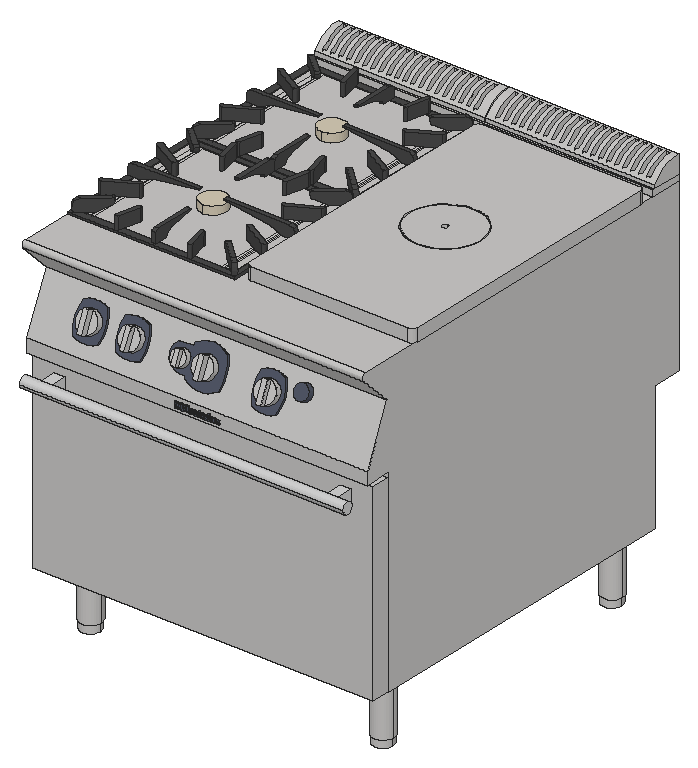
Revit family "QF_ELECTROLUXPROFESSIONAL_391020_E9STGH30G0", category Specialty Equipment, Revit 2018 (continued)
Automatic sketch dimensions
  Extrusion 7 sketch curve to Extrusion 7 sketch curve = 2.066 mm
  Extrusion 7 sketch curve to Extrusion 7 sketch curve = 5.312 mm
  Extrusion 7 sketch curve to Extrusion 7 sketch curve = 28.009 mm
  plane 5 "FRONT" to Extrusion 8 sketch curve = 22.852 mm
  Extrusion 8 sketch curve to Extrusion 8 sketch curve = 0 mm  (x2)
  Extrusion 8 sketch curve to Extrusion 8 sketch curve = 1.139 mm
  Extrusion 8 sketch curve to Extrusion 8 sketch curve = 3.102 mm
  Extrusion 8 sketch curve to Extrusion 8 sketch curve = 4.033 mm
  Extrusion 8 sketch curve to Extrusion 8 sketch curve = 4.436 mm
  Extrusion 8 sketch curve to Extrusion 8 sketch curve = 5.898 mm
  plane 5 "FRONT" to Extrusion 8 sketch curve = 8.549 mm
  Extrusion 8 sketch curve to plane 5 "FRONT" = 30.129 mm
  Extrusion 8 sketch curve to plane 10 = 270.899 mm
  Extrusion 8 sketch curve to Extrusion 8 sketch curve = 2.705 mm
  Extrusion 8 sketch curve to Extrusion 8 sketch curve = 5.987 mm
  Extrusion 8 sketch curve to Extrusion 8 sketch curve = 5.312 mm
  Extrusion 8 sketch curve to Extrusion 8 sketch curve = 28.009 mm
  plane 5 "FRONT" to Extrusion 9 sketch curve = 19.749 mm
  Extrusion 9 sketch curve to plane 10 = 279.591 mm
  Extrusion 10 sketch curve to plane 10 = 0 mm
  Extrusion 10 sketch curve to plane 1 "BACK" = 0 mm
  plane 10 to Extrusion 10 sketch curve = 14.288 mm
  Extrusion 10 sketch curve to plane 11 = 49.8 mm
  Extrusion 11 sketch curve to plane 4 "RIGHT" = 14.847 mm
  Extrusion 11 sketch curve to Extrusion 11 sketch curve = 9.296 mm  (x20)
  Extrusion 11 sketch curve to Extrusion 11 sketch curve = 9.397 mm  (x19)
  plane 1 "BACK" to Extrusion 11 sketch curve = 6.761 mm  (x20)
  Extrusion 11 sketch curve to Extrusion 11 sketch curve = 57.15 mm
  Extrusion 11 sketch curve to Extrusion 11 sketch curve = 0 mm  (x19)
  Extrusion 12 sketch curve to plane 1 "BACK" = 0 mm
  Extrusion 12 sketch curve to plane 6 "TOP" = 0 mm
  plane 1 "BACK" to Extrusion 12 sketch curve = 1.769 mm
  plane 10 to Extrusion 12 sketch curve = 23.813 mm
  plane 1 "BACK" to Extrusion 12 sketch curve = 69.85 mm
  plane 10 to Extrusion 12 sketch curve = 14.288 mm
  plane 3 "LEFT" to Extrusion 13 sketch curve = 155.972 mm
  Extrusion 13 sketch curve to Extrusion 13 sketch curve = 0 mm  (x6)
  plane 7 "Center Y" to Extrusion 13 sketch curve = 117.596 mm
  Extrusion 13 sketch curve to Extrusion 13 sketch curve = 12.3 mm  (x9)
  Extrusion 13 sketch curve to Extrusion 13 sketch curve = 34.925 mm  (x5)
  Extrusion 13 sketch curve to Extrusion 13 sketch curve = 46.691 mm  (x3)
  Extrusion 13 sketch curve to Extrusion 13 sketch curve = 0.617 mm
  Extrusion 13 sketch curve to Extrusion 13 sketch curve = 28.57 mm
  Extrusion 13 sketch curve to Extrusion 13 sketch curve = 29.185 mm  (x3)
  Extrusion 13 sketch curve to plane 7 "Center Y" = 118.914 mm
  Extrusion 13 sketch curve to Extrusion 13 sketch curve = 25.114 mm
  Extrusion 13 sketch curve to Extrusion 13 sketch curve = 25.727 mm
  Extrusion 13 sketch curve to Extrusion 13 sketch curve = 9.217 mm
  Extrusion 13 sketch curve to Extrusion 13 sketch curve = 16.51 mm
  Extrusion 14 sketch curve to Extrusion 14 sketch curve = 0 mm  (x3)
  Extrusion 14 sketch curve to Extrusion 14 sketch curve = 147.457 mm
  Extrusion 14 sketch curve to Extrusion 14 sketch curve = 172.543 mm
  Extrusion 14 sketch curve to Extrusion 14 sketch curve = 100 mm
  Extrusion 15 sketch curve to Extrusion 15 sketch curve = 24.732 mm
  Extrusion 15 sketch curve to Extrusion 15 sketch curve = 0 mm
  Extrusion 16 sketch curve to plane 4 "RIGHT" = 177.817 mm
  Extrusion 17 sketch curve to Extrusion 17 sketch curve = 0 mm  (x2)
  Extrusion 17 sketch curve to plane 7 "Center Y" = 31.641 mm
  Extrusion 17 sketch curve to plane 7 "Center Y" = 38.597 mm
  Extrusion 17 sketch curve to Extrusion 17 sketch curve = 112.63 mm
  plane 7 "Center Y" to Extrusion 17 sketch curve = 39.16 mm
  Extrusion 17 sketch curve to Extrusion 17 sketch curve = 1.398 mm
  Extrusion 17 sketch curve to Extrusion 17 sketch curve = 5.918 mm
  Extrusion 17 sketch curve to Extrusion 17 sketch curve = 7.825 mm
  Extrusion 17 sketch curve to plane 7 "Center Y" = 0.67 mm
  Extrusion 17 sketch curve to Extrusion 17 sketch curve = 12.433 mm
  Extrusion 17 sketch curve to Extrusion 17 sketch curve = 33.329 mm
  Extrusion 17 sketch curve to Extrusion 17 sketch curve = 28.808 mm
  Extrusion 17 sketch curve to Extrusion 17 sketch curve = 2.986 mm
  Extrusion 17 sketch curve to plane 7 "Center Y" = 0.673 mm
  Extrusion 17 sketch curve to Extrusion 17 sketch curve = 23.969 mm
  Extrusion 17 sketch curve to Extrusion 17 sketch curve = 31.993 mm
  Extrusion 17 sketch curve to Extrusion 17 sketch curve = 0.131 mm
  Extrusion 17 sketch curve to Extrusion 17 sketch curve = 36.738 mm
  Extrusion 17 sketch curve to Extrusion 17 sketch curve = 6.105 mm
  Extrusion 17 sketch curve to Extrusion 17 sketch curve = 6.427 mm
  Extrusion 17 sketch curve to Extrusion 17 sketch curve = 7.848 mm
  Extrusion 17 sketch curve to Extrusion 17 sketch curve = 11.842 mm
  Extrusion 18 sketch curve to Extrusion 18 sketch curve = 0 mm  (x2)
  Extrusion 18 sketch curve to plane 7 "Center Y" = 0 mm
  plane 7 "Center Y" to Extrusion 18 sketch curve = 5.786 mm
  Extrusion 18 sketch curve to plane 7 "Center Y" = 5.786 mm
  Extrusion 18 sketch curve to Extrusion 18 sketch curve = 24.732 mm  (x2)
  Extrusion 20 sketch curve to plane 7 "Center Y" = 52.067 mm
  Extrusion 20 sketch curve to Extrusion 20 sketch curve = 0 mm
  Extrusion 20 sketch curve to Extrusion 20 sketch curve = 7.232 mm  (x3)
  Extrusion 20 sketch curve to Extrusion 20 sketch curve = 17.5 mm
  Extrusion 20 sketch curve to Extrusion 20 sketch curve = 5.786 mm
  Extrusion 22 sketch curve to plane 9 "Base" = 0 mm
  Extrusion 22 sketch curve to plane 13 = 0.129 mm
  Extrusion 22 sketch curve to plane 5 "FRONT" = 30.129 mm
  Extrusion 22 sketch curve to Extrusion 22 sketch curve = 44.603 mm
  plane 5 "FRONT" to Extrusion 23 sketch curve = 0 mm  (x2)
  Extrusion 23 sketch curve to plane 3 "LEFT" = 0 mm
  plane 1 "BACK" to Extrusion 23 sketch curve = 0 mm
  Extrusion 23 sketch curve to plane 4 "RIGHT" = 0 mm
  Extrusion 23 sketch curve to plane 3 "LEFT" = 100 mm
  plane 4 "RIGHT" to Extrusion 23 sketch curve = 100 mm
  Extrusion 23 sketch curve to plane 1 "BACK" = 100 mm
  Extrusion 24 sketch curve to Extrusion 24 sketch curve = 0 mm  (x3)
  Extrusion 24 sketch curve to plane 7 "Center Y" = 166.757 mm
  Extrusion 24 sketch curve to Extrusion 24 sketch curve = 24.732 mm  (x2)
  Extrusion 24 sketch curve to Extrusion 24 sketch curve = 5.786 mm
  Extrusion 25 sketch curve to Extrusion 25 sketch curve = 0 mm  (x3)
  plane 3 "LEFT" to Extrusion 25 sketch curve = 133.243 mm
  Extrusion 25 sketch curve to Extrusion 25 sketch curve = 24.732 mm  (x2)
  Extrusion 25 sketch curve to Extrusion 25 sketch curve = 5.786 mm
  Extrusion 26 sketch curve to Extrusion 26 sketch curve = 0 mm  (x2)
  Extrusion 26 sketch curve to plane 4 "RIGHT" = 0 mm
  Extrusion 26 sketch curve to plane 11 = 26 mm
  Extrusion 26 sketch curve to plane 11 = 13.3 mm
  Extrusion 26 sketch curve to Extrusion 26 sketch curve = 12.7 mm  (x2)
  plane 8 "Center X" to Extrusion 26 sketch curve = 95.567 mm
  Extrusion 26 sketch curve to Extrusion 26 sketch curve = 8.451 mm
  plane 8 "Center X" to Extrusion 26 sketch curve = 27.413 mm
  Extrusion 26 sketch curve to Extrusion 26 sketch curve = 2.478 mm
  Extrusion 26 sketch curve to Extrusion 26 sketch curve = 0.351 mm
  Extrusion 26 sketch curve to Extrusion 26 sketch curve = 0.184 mm
  plane 15 to Extrusion 26 sketch curve = 50.329 mm
  Extrusion 26 sketch curve to plane 4 "RIGHT" = 12.7 mm
  Extrusion 26 sketch curve to plane 12 = 31.5 mm
  plane 7 "Center Y" to Extrusion 26 sketch curve = 6.3 mm
  plane 7 "Center Y" to Extrusion 26 sketch curve = 199.962 mm
  Extrusion 26 sketch curve to Extrusion 26 sketch curve = 2.149 mm
  Extrusion 26 sketch curve to Extrusion 26 sketch curve = 3.188 mm
  Extrusion 26 sketch curve to Extrusion 26 sketch curve = 0.097 mm
  plane 7 "Center Y" to Extrusion 27 sketch curve = 21.292 mm
  Extrusion 27 sketch curve to plane 10 = 237.967 mm
  Extrusion 27 sketch curve to plane 7 "Center Y" = 13.807 mm
  Extrusion 27 sketch curve to Extrusion 27 sketch curve = 5.041 mm
  plane 7 "Center Y" to Extrusion 27 sketch curve = 5.969 mm
  Extrusion 27 sketch curve to Extrusion 27 sketch curve = 5.06 mm
  Extrusion 27 sketch curve to Extrusion 27 sketch curve = 0 mm  (x27)
  Extrusion 27 sketch curve to Extrusion 27 sketch curve = 5.108 mm  (x2)
  Extrusion 27 sketch curve to Extrusion 27 sketch curve = 0.054 mm
  Extrusion 27 sketch curve to Extrusion 27 sketch curve = 0.218 mm
  Extrusion 27 sketch curve to Extrusion 27 sketch curve = 0.195 mm
  Extrusion 27 sketch curve to Extrusion 27 sketch curve = 0.249 mm
  Extrusion 27 sketch curve to Extrusion 27 sketch curve = 0.316 mm
  Extrusion 27 sketch curve to Extrusion 27 sketch curve = 0.087 mm
  Extrusion 27 sketch curve to Extrusion 27 sketch curve = 0.358 mm
  Extrusion 27 sketch curve to Extrusion 27 sketch curve = 0.481 mm
  Extrusion 27 sketch curve to Extrusion 27 sketch curve = 0.597 mm
  Extrusion 27 sketch curve to Extrusion 27 sketch curve = 0.544 mm
  Extrusion 27 sketch curve to Extrusion 27 sketch curve = 0.936 mm
  Extrusion 27 sketch curve to Extrusion 27 sketch curve = 0.594 mm
  Extrusion 27 sketch curve to Extrusion 27 sketch curve = 0.343 mm
  Extrusion 27 sketch curve to Extrusion 27 sketch curve = 0.159 mm
  Extrusion 27 sketch curve to Extrusion 27 sketch curve = 0.826 mm
  Extrusion 27 sketch curve to Extrusion 27 sketch curve = 0.839 mm
  Extrusion 27 sketch curve to Extrusion 27 sketch curve = 0.852 mm
  Extrusion 27 sketch curve to Extrusion 27 sketch curve = 0.887 mm
  Extrusion 27 sketch curve to Extrusion 27 sketch curve = 0.928 mm
  Extrusion 27 sketch curve to Extrusion 27 sketch curve = 0.938 mm
  Extrusion 27 sketch curve to Extrusion 27 sketch curve = 0.444 mm
  Extrusion 27 sketch curve to Extrusion 27 sketch curve = 1.11 mm  (x3)
  plane 7 "Center Y" to Extrusion 27 sketch curve = 43.726 mm
  Extrusion 27 sketch curve to Extrusion 27 sketch curve = 0.215 mm
  plane 7 "Center Y" to Extrusion 27 sketch curve = 0.332 mm
  Extrusion 27 sketch curve to Extrusion 27 sketch curve = 1.43 mm
  Extrusion 27 sketch curve to Extrusion 27 sketch curve = 1.188 mm
  Extrusion 27 sketch curve to Extrusion 27 sketch curve = 1.21 mm  (x2)
  Extrusion 27 sketch curve to Extrusion 27 sketch curve = 0.503 mm
  plane 7 "Center Y" to Extrusion 27 sketch curve = 48.995 mm
  Extrusion 27 sketch curve to Extrusion 27 sketch curve = 0.488 mm
  plane 7 "Center Y" to Extrusion 27 sketch curve = 52.922 mm
  Extrusion 27 sketch curve to Extrusion 27 sketch curve = 0.462 mm
  Extrusion 27 sketch curve to Extrusion 27 sketch curve = 1.386 mm
  Extrusion 27 sketch curve to Extrusion 27 sketch curve = 1.742 mm
  Extrusion 27 sketch curve to Extrusion 27 sketch curve = 0.821 mm
  Extrusion 27 sketch curve to Extrusion 27 sketch curve = 0.497 mm
  Extrusion 27 sketch curve to Extrusion 27 sketch curve = 0.539 mm
  Extrusion 27 sketch curve to Extrusion 27 sketch curve = 0.199 mm
  Extrusion 27 sketch curve to plane 7 "Center Y" = 0.042 mm
  Extrusion 27 sketch curve to Extrusion 27 sketch curve = 0.408 mm
  Extrusion 27 sketch curve to Extrusion 27 sketch curve = 0.743 mm
  Extrusion 27 sketch curve to Extrusion 27 sketch curve = 1.16 mm
  Extrusion 27 sketch curve to Extrusion 27 sketch curve = 0.329 mm
  Extrusion 27 sketch curve to Extrusion 27 sketch curve = 1.054 mm
  Extrusion 27 sketch curve to Extrusion 27 sketch curve = 1.056 mm
  Extrusion 27 sketch curve to Extrusion 27 sketch curve = 0.129 mm
  Extrusion 27 sketch curve to Extrusion 27 sketch curve = 0.489 mm
  Extrusion 27 sketch curve to plane 7 "Center Y" = 0.376 mm
  Extrusion 27 sketch curve to Extrusion 27 sketch curve = 0.441 mm
  Extrusion 27 sketch curve to Extrusion 27 sketch curve = 1.151 mm
  Extrusion 27 sketch curve to Extrusion 27 sketch curve = 1.141 mm  (x2)
  Extrusion 27 sketch curve to Extrusion 27 sketch curve = 0.768 mm
  Extrusion 27 sketch curve to Extrusion 27 sketch curve = 1.653 mm
  Extrusion 27 sketch curve to Extrusion 27 sketch curve = 0.499 mm
  Extrusion 27 sketch curve to Extrusion 27 sketch curve = 0.964 mm
  Extrusion 27 sketch curve to Extrusion 27 sketch curve = 0.949 mm
  Extrusion 27 sketch curve to Extrusion 27 sketch curve = 1.345 mm  (x3)
  Extrusion 27 sketch curve to Extrusion 27 sketch curve = 1.101 mm
  Extrusion 27 sketch curve to Extrusion 27 sketch curve = 0.432 mm
  Extrusion 27 sketch curve to Extrusion 27 sketch curve = 1.142 mm
  Extrusion 27 sketch curve to Extrusion 27 sketch curve = 0.959 mm
  Extrusion 27 sketch curve to Extrusion 27 sketch curve = 0.176 mm
  Extrusion 27 sketch curve to Extrusion 27 sketch curve = 0.728 mm
  Extrusion 27 sketch curve to Extrusion 27 sketch curve = 3.375 mm  (x2)
  Extrusion 27 sketch curve to Extrusion 27 sketch curve = 0.541 mm
  Extrusion 27 sketch curve to Extrusion 27 sketch curve = 0.955 mm
  Extrusion 27 sketch curve to Extrusion 27 sketch curve = 1.251 mm
  Extrusion 27 sketch curve to Extrusion 27 sketch curve = 0.572 mm
  plane 7 "Center Y" to Extrusion 27 sketch curve = 47.619 mm
  Extrusion 27 sketch curve to Extrusion 27 sketch curve = 1.92 mm
  Extrusion 27 sketch curve to Extrusion 27 sketch curve = 1.224 mm
  Extrusion 27 sketch curve to Extrusion 27 sketch curve = 0.745 mm
  Extrusion 27 sketch curve to Extrusion 27 sketch curve = 0.036 mm
  Extrusion 27 sketch curve to Extrusion 27 sketch curve = 0.896 mm  (x3)
  Extrusion 27 sketch curve to Extrusion 27 sketch curve = 2.607 mm
  Extrusion 27 sketch curve to Extrusion 27 sketch curve = 0.066 mm
  Extrusion 27 sketch curve to Extrusion 27 sketch curve = 0.248 mm
  Extrusion 27 sketch curve to Extrusion 27 sketch curve = 0.449 mm
  plane 7 "Center Y" to Extrusion 27 sketch curve = 46.838 mm
  Extrusion 27 sketch curve to Extrusion 27 sketch curve = 1.052 mm
  Extrusion 27 sketch curve to Extrusion 27 sketch curve = 1.863 mm
  Extrusion 27 sketch curve to Extrusion 27 sketch curve = 1.31 mm  (x2)
  Extrusion 27 sketch curve to Extrusion 27 sketch curve = 0.901 mm
  Extrusion 27 sketch curve to Extrusion 27 sketch curve = 1.107 mm
  Extrusion 27 sketch curve to Extrusion 27 sketch curve = 2.122 mm
  Extrusion 27 sketch curve to Extrusion 27 sketch curve = 2.101 mm
  Extrusion 27 sketch curve to Extrusion 27 sketch curve = 0.106 mm
  Extrusion 27 sketch curve to Extrusion 27 sketch curve = 0.029 mm
  plane 7 "Center Y" to Extrusion 27 sketch curve = 49.641 mm
  Extrusion 27 sketch curve to Extrusion 27 sketch curve = 2.09 mm
  Extrusion 27 sketch curve to Extrusion 27 sketch curve = 1.279 mm
  Extrusion 27 sketch curve to Extrusion 27 sketch curve = 2.008 mm
  Extrusion 27 sketch curve to Extrusion 27 sketch curve = 0.738 mm
  Extrusion 27 sketch curve to Extrusion 27 sketch curve = 0.382 mm
  Extrusion 27 sketch curve to Extrusion 27 sketch curve = 0.384 mm
  Extrusion 27 sketch curve to Extrusion 27 sketch curve = 0.002 mm
  Extrusion 27 sketch curve to Extrusion 27 sketch curve = 0.561 mm
  Extrusion 27 sketch curve to Extrusion 27 sketch curve = 0.592 mm
  Extrusion 27 sketch curve to Extrusion 27 sketch curve = 2.692 mm
  Extrusion 27 sketch curve to Extrusion 27 sketch curve = 1.259 mm
  plane 7 "Center Y" to Extrusion 27 sketch curve = 48.858 mm
  Extrusion 27 sketch curve to Extrusion 27 sketch curve = 0.802 mm
  Extrusion 27 sketch curve to Extrusion 27 sketch curve = 1.024 mm
  Extrusion 27 sketch curve to Extrusion 27 sketch curve = 0.682 mm
  Extrusion 27 sketch curve to Extrusion 27 sketch curve = 5.934 mm
  Extrusion 27 sketch curve to Extrusion 27 sketch curve = 2.186 mm
  Extrusion 27 sketch curve to Extrusion 27 sketch curve = 0.337 mm
  Extrusion 27 sketch curve to Extrusion 27 sketch curve = 0.021 mm
  Extrusion 27 sketch curve to Extrusion 27 sketch curve = 1.005 mm
  Extrusion 27 sketch curve to Extrusion 27 sketch curve = 0.552 mm
  Extrusion 27 sketch curve to Extrusion 27 sketch curve = 0.778 mm
  Extrusion 27 sketch curve to Extrusion 27 sketch curve = 0.063 mm
  Extrusion 27 sketch curve to Extrusion 27 sketch curve = 1.023 mm
  Extrusion 27 sketch curve to Extrusion 27 sketch curve = 3.804 mm
  Extrusion 27 sketch curve to Extrusion 27 sketch curve = 0.486 mm
  Extrusion 27 sketch curve to Extrusion 27 sketch curve = 0.266 mm
  Extrusion 27 sketch curve to plane 7 "Center Y" = 0.787 mm
  Extrusion 27 sketch curve to Extrusion 27 sketch curve = 1.547 mm
  Extrusion 27 sketch curve to Extrusion 27 sketch curve = 0.717 mm  (x2)
  Extrusion 27 sketch curve to Extrusion 27 sketch curve = 1.667 mm
  plane 7 "Center Y" to Extrusion 27 sketch curve = 44.532 mm
  Extrusion 27 sketch curve to Extrusion 27 sketch curve = 3.174 mm
  plane 7 "Center Y" to Extrusion 27 sketch curve = 0.368 mm
  Extrusion 27 sketch curve to Extrusion 27 sketch curve = 0.388 mm
  Extrusion 27 sketch curve to Extrusion 27 sketch curve = 1.342 mm
  plane 7 "Center Y" to Extrusion 27 sketch curve = 50.135 mm
  Extrusion 27 sketch curve to Extrusion 27 sketch curve = 1.521 mm
  plane 7 "Center Y" to Extrusion 27 sketch curve = 51.694 mm
  Extrusion 27 sketch curve to Extrusion 27 sketch curve = 0.124 mm
  Extrusion 27 sketch curve to Extrusion 27 sketch curve = 0.291 mm
  plane 7 "Center Y" to Extrusion 27 sketch curve = 7.285 mm
  Extrusion 27 sketch curve to Extrusion 27 sketch curve = 1.049 mm  (x2)
  plane 7 "Center Y" to Extrusion 27 sketch curve = 47.668 mm
  Extrusion 27 sketch curve to Extrusion 27 sketch curve = 1.7 mm
  Extrusion 27 sketch curve to Extrusion 27 sketch curve = 0.894 mm
  Extrusion 27 sketch curve to Extrusion 27 sketch curve = 0.989 mm
  Extrusion 27 sketch curve to Extrusion 27 sketch curve = 1.168 mm
  Extrusion 27 sketch curve to Extrusion 27 sketch curve = 1.594 mm
  Extrusion 27 sketch curve to Extrusion 27 sketch curve = 0.731 mm
  Extrusion 27 sketch curve to Extrusion 27 sketch curve = 1.566 mm
  Extrusion 27 sketch curve to Extrusion 27 sketch curve = 0.064 mm
  plane 7 "Center Y" to Extrusion 27 sketch curve = 7.842 mm
  Extrusion 27 sketch curve to Extrusion 27 sketch curve = 0.556 mm
  Extrusion 27 sketch curve to Extrusion 27 sketch curve = 0.48 mm
  Extrusion 27 sketch curve to Extrusion 27 sketch curve = 0.228 mm
  Extrusion 27 sketch curve to Extrusion 27 sketch curve = 1.018 mm
  plane 7 "Center Y" to Extrusion 27 sketch curve = 37.429 mm
  Extrusion 27 sketch curve to Extrusion 27 sketch curve = 0.787 mm
  Extrusion 27 sketch curve to Extrusion 27 sketch curve = 0.618 mm
  plane 7 "Center Y" to Extrusion 27 sketch curve = 42.486 mm
  Extrusion 27 sketch curve to Extrusion 27 sketch curve = 1.672 mm
  plane 7 "Center Y" to Extrusion 27 sketch curve = 53.436 mm
  Extrusion 27 sketch curve to Extrusion 27 sketch curve = 1.361 mm
  Extrusion 27 sketch curve to Extrusion 27 sketch curve = 0.822 mm
  Extrusion 27 sketch curve to Extrusion 27 sketch curve = 0.069 mm
  Extrusion 27 sketch curve to Extrusion 27 sketch curve = 1.88 mm
  plane 7 "Center Y" to Extrusion 27 sketch curve = 35.269 mm
  Extrusion 27 sketch curve to Extrusion 27 sketch curve = 0.42 mm
  Extrusion 27 sketch curve to Extrusion 27 sketch curve = 0.062 mm
  Extrusion 27 sketch curve to Extrusion 27 sketch curve = 1.355 mm
  Extrusion 27 sketch curve to Extrusion 27 sketch curve = 2.34 mm
  Extrusion 27 sketch curve to Extrusion 27 sketch curve = 0.493 mm
  Extrusion 27 sketch curve to Extrusion 27 sketch curve = 0.136 mm
  Extrusion 27 sketch curve to Extrusion 27 sketch curve = 0.128 mm
  Extrusion 27 sketch curve to Extrusion 27 sketch curve = 3.616 mm
  Extrusion 27 sketch curve to Extrusion 27 sketch curve = 4.207 mm
  Extrusion 27 sketch curve to Extrusion 27 sketch curve = 0.183 mm
  Extrusion 27 sketch curve to Extrusion 27 sketch curve = 0.895 mm
  Extrusion 27 sketch curve to Extrusion 27 sketch curve = 1.314 mm
  Extrusion 27 sketch curve to Extrusion 27 sketch curve = 3.231 mm
  Extrusion 27 sketch curve to plane 7 "Center Y" = 23.526 mm
  Extrusion 27 sketch curve to Extrusion 27 sketch curve = 1.299 mm
  Extrusion 27 sketch curve to Extrusion 27 sketch curve = 1.214 mm
  plane 7 "Center Y" to Extrusion 27 sketch curve = 26.369 mm
  Extrusion 27 sketch curve to Extrusion 27 sketch curve = 1.264 mm
  Extrusion 27 sketch curve to Extrusion 27 sketch curve = 0.109 mm
  Extrusion 27 sketch curve to Extrusion 27 sketch curve = 0.357 mm
  Extrusion 27 sketch curve to Extrusion 27 sketch curve = 0.565 mm
  Extrusion 27 sketch curve to Extrusion 27 sketch curve = 2.504 mm
  Extrusion 27 sketch curve to Extrusion 27 sketch curve = 2.459 mm
  Extrusion 27 sketch curve to Extrusion 27 sketch curve = 0.983 mm
  Extrusion 27 sketch curve to Extrusion 27 sketch curve = 0.422 mm  (x2)
  Extrusion 27 sketch curve to Extrusion 27 sketch curve = 1.268 mm
  Extrusion 27 sketch curve to Extrusion 27 sketch curve = 0.671 mm
  Extrusion 27 sketch curve to Extrusion 27 sketch curve = 1.634 mm
  Extrusion 27 sketch curve to Extrusion 27 sketch curve = 0.132 mm
  Extrusion 27 sketch curve to Extrusion 27 sketch curve = 0.586 mm
  Extrusion 27 sketch curve to Extrusion 27 sketch curve = 1.241 mm
  Extrusion 27 sketch curve to Extrusion 27 sketch curve = 1.689 mm
  Extrusion 27 sketch curve to Extrusion 27 sketch curve = 0.627 mm
  Extrusion 27 sketch curve to Extrusion 27 sketch curve = 0.419 mm
  Extrusion 27 sketch curve to Extrusion 27 sketch curve = 1.514 mm
  Extrusion 27 sketch curve to Extrusion 27 sketch curve = 1.019 mm
  Extrusion 27 sketch curve to Extrusion 27 sketch curve = 0.065 mm
  Extrusion 27 sketch curve to Extrusion 27 sketch curve = 1.215 mm
  Extrusion 27 sketch curve to Extrusion 27 sketch curve = 1.122 mm
  Extrusion 27 sketch curve to Extrusion 27 sketch curve = 1.153 mm
  Extrusion 27 sketch curve to Extrusion 27 sketch curve = 1.223 mm
  Extrusion 27 sketch curve to Extrusion 27 sketch curve = 0.934 mm
  Extrusion 27 sketch curve to Extrusion 27 sketch curve = 3.376 mm
  Extrusion 27 sketch curve to Extrusion 27 sketch curve = 0.222 mm
  Extrusion 27 sketch curve to Extrusion 27 sketch curve = 1.383 mm
  Extrusion 27 sketch curve to Extrusion 27 sketch curve = 1.556 mm
  Extrusion 27 sketch curve to Extrusion 27 sketch curve = 2.559 mm
  Extrusion 27 sketch curve to Extrusion 27 sketch curve = 2.51 mm
  Extrusion 27 sketch curve to Extrusion 27 sketch curve = 0.131 mm
  Extrusion 27 sketch curve to Extrusion 27 sketch curve = 1.134 mm
  Extrusion 27 sketch curve to Extrusion 27 sketch curve = 0.094 mm
  Extrusion 27 sketch curve to Extrusion 27 sketch curve = 1.584 mm
  Extrusion 27 sketch curve to Extrusion 27 sketch curve = 0.27 mm
  Extrusion 27 sketch curve to Extrusion 27 sketch curve = 0.916 mm
  Extrusion 27 sketch curve to Extrusion 27 sketch curve = 0.352 mm
  Extrusion 27 sketch curve to Extrusion 27 sketch curve = 0.458 mm
  Extrusion 27 sketch curve to Extrusion 27 sketch curve = 1.282 mm
  Extrusion 27 sketch curve to Extrusion 27 sketch curve = 1.363 mm
  Extrusion 27 sketch curve to Extrusion 27 sketch curve = 0.685 mm
  Extrusion 27 sketch curve to Extrusion 27 sketch curve = 0.905 mm
  Extrusion 27 sketch curve to Extrusion 27 sketch curve = 1.477 mm
  Extrusion 27 sketch curve to Extrusion 27 sketch curve = 0.472 mm
  Extrusion 27 sketch curve to Extrusion 27 sketch curve = 0.101 mm
  Extrusion 27 sketch curve to Extrusion 27 sketch curve = 0.54 mm
  Extrusion 27 sketch curve to Extrusion 27 sketch curve = 0.02 mm
  Extrusion 27 sketch curve to Extrusion 27 sketch curve = 0.829 mm
  Extrusion 27 sketch curve to Extrusion 27 sketch curve = 0.582 mm
  Extrusion 27 sketch curve to Extrusion 27 sketch curve = 0.166 mm
  Extrusion 27 sketch curve to Extrusion 27 sketch curve = 0.16 mm
  Extrusion 27 sketch curve to Extrusion 27 sketch curve = 1.118 mm
  Extrusion 27 sketch curve to Extrusion 27 sketch curve = 0.613 mm
  Extrusion 27 sketch curve to Extrusion 27 sketch curve = 0.781 mm
  Extrusion 27 sketch curve to Extrusion 27 sketch curve = 0.361 mm
  Extrusion 27 sketch curve to Extrusion 27 sketch curve = 0.897 mm
  Extrusion 27 sketch curve to Extrusion 27 sketch curve = 0.167 mm
  Extrusion 27 sketch curve to Extrusion 27 sketch curve = 0.292 mm
  Extrusion 27 sketch curve to Extrusion 27 sketch curve = 0.305 mm
  Extrusion 27 sketch curve to Extrusion 27 sketch curve = 1.557 mm
  Extrusion 27 sketch curve to Extrusion 27 sketch curve = 2.499 mm
  Extrusion 27 sketch curve to Extrusion 27 sketch curve = 3.062 mm
  Extrusion 27 sketch curve to Extrusion 27 sketch curve = 2.968 mm
  Extrusion 27 sketch curve to Extrusion 27 sketch curve = 5.044 mm
  Extrusion 27 sketch curve to Extrusion 27 sketch curve = 0.629 mm  (x2)
  Extrusion 27 sketch curve to Extrusion 27 sketch curve = 1.131 mm
  Extrusion 27 sketch curve to Extrusion 27 sketch curve = 0.137 mm
  Extrusion 27 sketch curve to Extrusion 27 sketch curve = 0.027 mm
  Extrusion 27 sketch curve to Extrusion 27 sketch curve = 2.046 mm
  Extrusion 27 sketch curve to Extrusion 27 sketch curve = 2.235 mm
  Extrusion 28 sketch curve to Extrusion 5 = 43 mm
  Extrusion 28 sketch curve to Extrusion 5 = 276.093 mm
  plane 3 "LEFT" to Extrusion 29 sketch curve = 14.847 mm
  Extrusion 29 sketch curve to Extrusion 29 sketch curve = 9.296 mm  (x20)
  Extrusion 29 sketch curve to Extrusion 29 sketch curve = 9.397 mm  (x19)
  Extrusion 29 sketch curve to plane 11 = 62.089 mm  (x2)
  Extrusion 29 sketch curve to Extrusion 29 sketch curve = 0 mm  (x18)
  plane 1 "BACK" to Extrusion 29 sketch curve = 6.761 mm  (x20)
  Extrusion 30 sketch curve to plane 1 "BACK" = 0 mm
  Extrusion 30 sketch curve to plane 6 "TOP" = 0 mm
  plane 1 "BACK" to Extrusion 30 sketch curve = 1.769 mm
  plane 10 to Extrusion 30 sketch curve = 23.813 mm
  plane 1 "BACK" to Extrusion 30 sketch curve = 69.85 mm
  plane 10 to Extrusion 30 sketch curve = 14.288 mm
  radius of Extrusion 9 sketch curve = 12.7 mm
  radius of Extrusion 14 sketch curve = 25.4 mm  (x4)
  radius of Extrusion 15 sketch curve to Extrusion 14 = 0 mm  (x2)
  radius of Extrusion 16 sketch curve = 17.78 mm
  radius of Extrusion 19 sketch curve = 18.37 mm
  radius of Extrusion 21 sketch curve = 6.4 mm
  radius of Extrusion 26 sketch curve = 82.55 mm
  radius of Extrusion 26 sketch curve = 7 mm
  radius of Extrusion 28 sketch curve = 12.7 mm
Nested families
  nested 1: "371009_BURNER" at (0, -440.6, 0), type "371009_BURNER"
    with Type Mark "", Status "", Specification by User "", Revision Code "", Item Number "", Installed By "", Identify Quantity as Lot yes, Furnished By "", Foodservice Equipment Identifier yes
  nested 2: "371009_BURNER" at (0, -440.6, 0), type "371009_BURNER"
    with Type Mark "", Status "", Specification by User "", Revision Code "", Item Number "", Installed By "", Identify Quantity as Lot yes, Furnished By "", Foodservice Equipment Identifier yes
Connectors
  piping at (747.612, -663.871, 129), diameter 12.8
    settings: on Extrusion 21, index 1, connector inside diameter 0.50394", connector length 0 mm, flow factor 0, pipe flow 0 GPM, pressure drop 0.00 psi, fitting loss kfactor 0, connector angle 0.00°, fixture units 0, engagement length 0 mm, angle of deflection 0.00°, flow configuration 1, flow direction 1, fitting loss method 0, system type 7, joint type 0, gender type 0, connector reference index -1, connector utility 0, adjustable connector no, is connector primary yes, connector description "GAS CONNECTION"
Definition of nested family "371009_BURNER"
  Parameters
    Weight in Pounds = 0
    URL Cutsheet = ""
    URL = "www.electrolux.com"
    Type Mark [instance] = ""
    Status [instance] = ""
    Specification by User [instance] = ""
    Specification by Manufacturer = ""
    Show Clearance [instance] = yes
    Serial Number = ""
    Seismic Rating = ""
    SMACNA No = ""
    Revision Code [instance] = ""
    Omniclass Number and Title = ""
    NAFEM Spec ID Number = ""
    Model = "371009"
    Masterspec = ""
    Manufacturer = "ELECTROLUX"
    Item Number [instance] = ""
    Installed By [instance] = ""
    Identify Quantity as Lot [instance] = yes
    Furnished By [instance] = ""
    Foodservice Equipment Identifier [instance] = yes
    Description = ""
    CSI MasterFormat = ""
    CSI Master Format = ""
  Reference planes
    plane 1 "BACK": y = 0
    plane 2: z = 0
    plane 3 "LEFT": x = 0
    plane 4 "RIGHT": x = 393.7
    plane 5 "FRONT": y = -355.6
    plane 6 "TOP": z = 908.85
    plane 7 "Center Y": x = 196.85
    plane 8 "Center X": y = -177.8
    plane 9 "Base": z = 150
    plane 10: z = 850.85
  Forms (mm)
    Extrusion 1, solid
      sketch origin (-6.433, -404.961, 5) x (1, 0, 0) y (0, 0, -1)
        loop
          arc (7.142, -850.85) -> (6.739, -862.989) -> (9.761, -874.752) r 42.809
          line (9.761, -874.752) -> (19.961, -879.425) -> (173.122, -879.425)
          arc (173.122, -879.425) -> (174.316, -878.312) -> (173.289, -877.043) r 1.197
          line (173.289, -877.043) -> (64.848, -864.021)
          arc (64.848, -864.021) -> (50.111, -858.738) -> (36.589, -850.85) r 85.245
          line (36.589, -850.85) -> (7.142, -850.85)
        loop
          line (399.424, -850.85) -> (369.977, -850.85)
          arc (369.977, -850.85) -> (356.455, -858.738) -> (341.718, -864.021) r 85.245
          line (341.718, -864.021) -> (233.277, -877.043)
          arc (233.277, -877.043) -> (232.25, -878.312) -> (233.444, -879.425) r 1.197
          line (233.444, -879.425) -> (386.605, -879.425) -> (396.806, -874.752)
          arc (396.806, -874.752) -> (399.827, -862.989) -> (399.424, -850.85) r 42.809
      from 224.564 to 234.564
    Extrusion 2, solid
      sketch origin (196.85, 175.397, 1219.2) x (0, 1, 0) y (0, 0, 1)
        loop
          line (-204.463, -363.35) -> (-175.397, -363.35) -> (-175.397, -339.506)
          arc (-175.397, -339.506) -> (-181.025, -338.266) -> (-185.611, -334.775) r 13.39
          line (-185.611, -334.775) -> (-278.903, -334.775)
          arc (-278.903, -334.775) -> (-280.097, -335.888) -> (-279.07, -337.157) r 1.197
          line (-279.07, -337.157) -> (-227.151, -347.464)
          arc (-227.151, -347.464) -> (-213.741, -352.457) -> (-204.463, -363.35) r 28.426
        loop
          arc (-496.332, -363.35) -> (-487.053, -352.457) -> (-473.644, -347.464) r 28.426
          line (-473.644, -347.464) -> (-421.725, -337.157)
          arc (-421.725, -337.157) -> (-420.697, -335.888) -> (-421.891, -334.775) r 1.197
          line (-421.891, -334.775) -> (-515.184, -334.775)
          arc (-515.184, -334.775) -> (-519.769, -338.266) -> (-525.397, -339.506) r 13.39
          line (-525.397, -339.506) -> (-525.397, -363.35) -> (-496.332, -363.35)
      from -5 to 5
    Extrusion 3, solid
      sketch origin (-6.433, 367.064, 850.85) x (0, -1, 0) y (1, 0, 0)
        loop
          line (722.664, 6.433) -> (722.664, 400.133) -> (367.064, 400.133) -> (367.064, 6.433) -> (722.664, 6.433)
        loop
          line (382.064, 21.433) -> (707.664, 21.433) -> (707.664, 385.133) -> (382.064, 385.133) -> (382.064, 21.433)
      from 0 to 5
    Extrusion 4, solid
      sketch origin (-18.933, 367.064, 855.85) x (0, -1, 0) y (1, 0, 0)
        loop
          circle (541.667, 215.783) r 30
      from -1.321 to 17.134
    Extrusion 5, solid
      sketch origin (-6.433, -367.064, 0) x (1, 0, 0) y (0, 0, -1)
        loop
          line (21.433, -855.85) -> (36.589, -855.85)
          arc (36.589, -855.85) -> (40.561, -855.243) -> (44.305, -853.783) r 18.259
          arc (44.305, -853.783) -> (45.997, -853.366) -> (47.69, -853.783) r 3.649
          arc (47.69, -853.783) -> (49.901, -854.522) -> (52.232, -854.529) r 7.328
          line (52.232, -854.529) -> (354.334, -854.529)
          arc (354.334, -854.529) -> (356.666, -854.522) -> (358.877, -853.783) r 7.328
          arc (358.877, -853.783) -> (360.569, -853.366) -> (362.261, -853.783) r 3.649
          arc (362.261, -853.783) -> (366.005, -855.243) -> (369.977, -855.85) r 18.259
          line (369.977, -855.85) -> (385.133, -855.85) -> (385.133, -850.85) -> (21.433, -850.85) -> (21.433, -855.85)
      from 26.464 to 352.064
    Extrusion 6, solid
      sketch origin (83.284, -458.334, 5) x (0.742103, 0.670286, 0) y (0, 0, -1)
        loop
          arc (88.629, -864.012) -> (73.909, -858.731) -> (60.402, -850.85) r 85.245
          line (60.402, -850.85) -> (14.993, -850.85)
          arc (14.993, -850.85) -> (14.642, -862.948) -> (17.686, -874.663) r 42.876
          line (17.686, -874.663) -> (27.899, -879.425) -> (89.664, -879.425)
          arc (89.664, -879.425) -> (92.39, -878.352) -> (93.654, -875.709) r 4
          arc (93.654, -875.709) -> (92.562, -869.25) -> (88.629, -864.012) r 13.87
        loop
          arc (457.638, -864.012) -> (453.704, -869.25) -> (452.613, -875.709) r 13.87
          arc (452.613, -875.709) -> (453.876, -878.352) -> (456.603, -879.425) r 4
          line (456.603, -879.425) -> (518.367, -879.425) -> (528.581, -874.663)
          arc (528.581, -874.663) -> (531.624, -862.948) -> (531.273, -850.85) r 42.876
          line (531.273, -850.85) -> (485.865, -850.85)
          arc (485.865, -850.85) -> (472.357, -858.731) -> (457.638, -864.012) r 85.245
      from 127.064 to 137.064
    Extrusion 7, solid
      sketch origin (310.416, -458.334, 5) x (-0.742103, 0.670286, 0) y (0, 0, 1)
        loop
          arc (88.629, 864.012) -> (92.562, 869.25) -> (93.654, 875.709) r 13.87
          arc (93.654, 875.709) -> (92.39, 878.352) -> (89.664, 879.425) r 4
          line (89.664, 879.425) -> (27.899, 879.425) -> (17.686, 874.663)
          arc (17.686, 874.663) -> (14.642, 862.948) -> (14.993, 850.85) r 42.876
          line (14.993, 850.85) -> (60.402, 850.85)
          arc (60.402, 850.85) -> (73.909, 858.731) -> (88.629, 864.012) r 85.245
        loop
          arc (457.638, 864.012) -> (472.357, 858.731) -> (485.865, 850.85) r 85.245
          line (485.865, 850.85) -> (531.273, 850.85)
          arc (531.273, 850.85) -> (531.624, 862.948) -> (528.581, 874.663) r 42.876
          line (528.581, 874.663) -> (518.367, 879.425) -> (456.603, 879.425)
          arc (456.603, 879.425) -> (453.876, 878.352) -> (452.613, 875.709) r 4
          arc (452.613, 875.709) -> (453.704, 869.25) -> (457.638, 864.012) r 13.87
      from 127.064 to 137.064
    Extrusion 8, solid
      sketch origin (-6.433, 367.064, 855.85) x (0, -1, 0) y (1, 0, 0)
        loop
          arc (626.166, 9.428) -> (632.956, 7.454) -> (634.93, 14.244) r 5
          line (634.93, 14.244) -> (600.514, 76.878)
          arc (600.514, 76.878) -> (593.724, 78.852) -> (591.75, 72.062) r 5
          line (591.75, 72.062) -> (626.166, 9.428)
        loop
          line (463.562, 9.428) -> (497.977, 72.062)
          arc (497.977, 72.062) -> (496.003, 78.852) -> (489.213, 76.878) r 5
          line (489.213, 76.878) -> (454.798, 14.244)
          arc (454.798, 14.244) -> (456.772, 7.454) -> (463.562, 9.428) r 5
        loop
          line (626.166, 397.138) -> (591.75, 334.504)
          arc (591.75, 334.504) -> (593.724, 327.714) -> (600.514, 329.689) r 5
          line (600.514, 329.689) -> (634.93, 392.323)
          arc (634.93, 392.323) -> (632.956, 399.113) -> (626.166, 397.138) r 5
        loop
          arc (463.562, 397.138) -> (456.772, 399.113) -> (454.798, 392.323) r 5
          line (454.798, 392.323) -> (489.213, 329.689)
          arc (489.213, 329.689) -> (496.003, 327.714) -> (497.977, 334.504) r 5
          line (497.977, 334.504) -> (463.562, 397.138)
        loop
          line (715.14, 293.499) -> (666.703, 282.317)
          arc (666.703, 282.317) -> (662.956, 276.32) -> (668.953, 272.573) r 5
          line (668.953, 272.573) -> (717.389, 283.756)
          arc (717.389, 283.756) -> (721.136, 289.752) -> (715.14, 293.499) r 5
        loop
          arc (715.14, 113.067) -> (721.136, 116.814) -> (717.389, 122.811) r 5
          line (717.389, 122.811) -> (668.953, 133.993)
          arc (668.953, 133.993) -> (662.956, 130.246) -> (666.703, 124.249) r 5
          line (666.703, 124.249) -> (715.14, 113.067)
        loop
          arc (374.588, 293.499) -> (368.591, 289.752) -> (372.338, 283.756) r 5
          line (372.338, 283.756) -> (420.775, 272.573)
          arc (420.775, 272.573) -> (426.771, 276.32) -> (423.024, 282.317) r 5
          line (423.024, 282.317) -> (374.588, 293.499)
        loop
          line (374.588, 113.067) -> (423.024, 124.249)
          arc (423.024, 124.249) -> (426.771, 130.246) -> (420.775, 133.993) r 5
          line (420.775, 133.993) -> (372.338, 122.811)
          arc (372.338, 122.811) -> (368.591, 116.814) -> (374.588, 113.067) r 5
      from 0 to 28.575
  Lines and regions (mm)
    symbolic lines
      curve 1: line (0, -355.6, 150) -> (393.7, -355.6, 150)
      curve 2: line (0, 0, 150) -> (0, -355.6, 150)
      curve 3: line (393.7, -355.6, 150) -> (393.7, 0, 150)
      curve 4: line (369.633, -15, 150) -> (285.34, -15, 150)
      curve 5: line (24.067, -340.6, 150) -> (108.36, -340.6, 150)
      curve 6: line (157.475, -170.397, 150) -> (157.475, -15, 150)
      curve 7: line (236.225, -170.397, 150) -> (236.225, -15, 150)
      curve 8: line (201.85, -350, 150) -> (201.85, -176.674, 150)
      curve 9: line (0, -180.397, 150) -> (167.224, -180.397, 150)
      curve 10: line (393.7, -170.397, 150) -> (228.275, -170.397, 150)
      curve 11: line (15, -180.397, 150) -> (15, -252.506, 150)
      curve 12: line (45.799, -340.6, 150) -> (45.799, -320.971, 150)
      curve 13: line (167.224, -170.397, 150) -> (0, -170.397, 150)
      curve 14: line (228.275, -180.504, 150) -> (393.7, -180.504, 150)
      curve 15: arc (228.275, -170.397, 150) -> (223.221, -175.45, 150) -> (228.275, -180.504, 150) r 5.054
      curve 16: arc (167.224, -170.397, 150) -> (172.224, -175.397, 150) -> (167.224, -180.397, 150) r 5
      curve 17: line (191.85, -176.674, 150) -> (191.85, -350, 150)
      curve 18: line (201.85, -134.556, 150) -> (201.85, -0.794, 150)
      curve 19: arc (201.85, -176.674, 150) -> (196.85, -171.674, 150) -> (191.85, -176.674, 150) r 5
      curve 20: arc (201.85, -134.556, 150) -> (196.85, -139.556, 150) -> (191.85, -134.556, 150) r 5
      curve 21: line (191.85, -15, 150) -> (118.623, -15, 150)
      curve 22: arc (201.85, -29.042, 150) -> (213.272, -50.008, 150) -> (201.85, -70.973, 150) r 24.953
      curve 23: arc (213.086, -53.048, 150) -> (214.5, -50.008, 150) -> (213.086, -46.967, 150) r 3.975
      curve 24: arc (191.85, -29.852, 150) -> (181.339, -50.008, 150) -> (191.85, -70.163, 150) r 24.58
      curve 25: arc (181.527, -53.042, 150) -> (179.976, -50.008, 150) -> (181.527, -46.973, 150) r 3.745
      curve 26: line (191.85, -0.794, 150) -> (191.85, -134.556, 150)
      curve 27: line (191.85, -350, 150) -> (201.85, -350, 150)
      curve 28: line (191.85, -11.007, 150) -> (201.85, -11.007, 150)
      curve 29: line (191.85, -0.794, 150) -> (201.85, -0.794, 150)
      curve 30: line (201.85, -340.6, 150) -> (275.077, -340.6, 150)
      curve 31: arc (196.85, -145.397, 0) -> (166.955, -172.888, 0) -> (191.85, -204.977, 0) r 30
      curve 32: arc (201.85, -204.977, 0) -> (226.745, -172.888, 0) -> (196.85, -145.397, 0) r 30
      curve 33: arc (158.678, -180.397, 0) -> (170.734, -200.207, 0) -> (191.85, -209.795, 0) r 39.375
      curve 34: line (163.825, -170.397, 150) -> (163.825, -15, 150)
      curve 35: line (229.875, -170.397, 150) -> (229.875, -15, 150)
      curve 36: line (144.775, -170.397, 150) -> (144.775, -15, 150)
      curve 37: line (248.925, -170.397, 150) -> (248.925, -15, 150)
      curve 38: arc (145.678, -180.397, 0) -> (161.728, -209.187, 0) -> (191.85, -222.573, 0) r 52.075
      curve 39: arc (201.85, -209.795, 0) -> (222.966, -200.207, 0) -> (235.022, -180.397, 0) r 39.375
      curve 40: arc (201.85, -222.573, 0) -> (231.931, -209.224, 0) -> (248.001, -180.504, 0) r 52.075
      curve 41: line (393.7, 0, 0) -> (0, 0, 0)
      curve 42: line (70.445, -122.149, 0) -> (7.81, -87.734, 0)
      curve 43: arc (7.81, -87.734, 0) -> (1.021, -89.708, 0) -> (2.995, -96.498, 0) r 5
      curve 44: line (2.995, -96.498, 0) -> (65.629, -130.914, 0)
      curve 45: arc (65.629, -130.914, 0) -> (72.419, -128.939, 0) -> (70.445, -122.149, 0) r 5
      curve 46: line (65.629, -224.686, 0) -> (2.995, -259.102, 0)
      curve 47: arc (2.995, -259.102, 0) -> (1.021, -265.892, 0) -> (7.81, -267.866, 0) r 5
      curve 48: line (7.81, -267.866, 0) -> (70.445, -233.451, 0)
      curve 49: arc (70.445, -233.451, 0) -> (72.419, -226.661, 0) -> (65.629, -224.686, 0) r 5
      curve 50: line (323.255, -122.149, 0) -> (385.89, -87.734, 0)
      curve 51: arc (385.89, -87.734, 0) -> (392.679, -89.708, 0) -> (390.705, -96.498, 0) r 5
      curve 52: line (390.705, -96.498, 0) -> (328.071, -130.914, 0)
      curve 53: arc (328.071, -130.914, 0) -> (321.281, -128.939, 0) -> (323.255, -122.149, 0) r 5
      curve 54: line (328.071, -224.686, 0) -> (390.705, -259.102, 0)
      curve 55: arc (390.705, -259.102, 0) -> (392.679, -265.892, 0) -> (385.89, -267.866, 0) r 5
      curve 56: line (385.89, -267.866, 0) -> (323.255, -233.451, 0)
      curve 57: arc (323.255, -233.451, 0) -> (321.281, -226.661, 0) -> (328.071, -224.686, 0) r 5
      curve 58: line (118.623, -340.6, 150) -> (191.85, -340.6, 150)
      curve 59: line (285.34, -340.6, 150) -> (369.633, -340.6, 150)
      curve 60: line (378.7, -335.314, 0) -> (378.7, -263.916, 0)
      curve 61: line (1.326, -7.935, 0) -> (58.752, -59.804, 0)
      curve 62: line (65.455, -52.383, 0) -> (8.029, -0.514, 0)
      curve 63: arc (58.752, -59.804, 0) -> (65.814, -59.445, 0) -> (65.455, -52.383, 0) r 5
      curve 64: line (1.326, -7.935, 0) -> (8.029, -0.514, 0)
      curve 65: line (392.374, -7.935, 0) -> (334.948, -59.804, 0)
      curve 66: line (328.245, -52.383, 0) -> (385.671, -0.514, 0)
      curve 67: arc (334.948, -59.804, 0) -> (327.886, -59.445, 0) -> (328.245, -52.383, 0) r 5
      curve 68: line (392.374, -7.935, 0) -> (385.671, -0.514, 0)
      curve 69: line (392.374, -347.665, 0) -> (334.948, -295.796, 0)
      curve 70: line (328.245, -303.217, 0) -> (385.671, -355.086, 0)
      curve 71: arc (334.948, -295.796, 0) -> (327.886, -296.155, 0) -> (328.245, -303.217, 0) r 5
      curve 72: line (392.374, -347.665, 0) -> (385.671, -355.086, 0)
      curve 73: line (1.326, -347.665, 0) -> (58.752, -295.796, 0)
      curve 74: line (65.455, -303.217, 0) -> (8.029, -355.086, 0)
      curve 75: arc (58.752, -295.796, 0) -> (65.814, -296.155, 0) -> (65.455, -303.217, 0) r 5
      curve 76: line (1.326, -347.665, 0) -> (8.029, -355.086, 0)
      curve 77: line (347.901, -15, 0) -> (347.901, -34.629, 0)
      curve 78: line (347.901, -320.971, 0) -> (347.901, -340.6, 0)
      curve 79: line (378.7, -252.506, 0) -> (378.7, -180.397, 0)
      curve 80: line (347.901, -246.993, 0) -> (347.901, -307.496, 0)
      curve 81: line (378.7, -170.397, 0) -> (378.7, -103.094, 0)
      curve 82: line (347.901, -180.397, 0) -> (347.901, -235.582, 0)
      curve 83: line (378.7, -91.684, 0) -> (378.7, -20.286, 0)
      curve 84: line (347.901, -120.018, 0) -> (347.901, -170.397, 0)
      curve 85: line (347.901, -48.104, 0) -> (347.901, -108.607, 0)
      curve 86: line (275.077, -15, 150) -> (201.85, -15, 150)
      curve 87: line (108.36, -15, 150) -> (24.067, -15, 150)
      curve 88: line (45.799, -40, 150) -> (45.799, -15, 150)
      curve 89: line (45.799, -108.607, 150) -> (45.799, -40, 150)
      curve 90: line (15, -20.286, 0) -> (15, -91.684, 0)
      curve 91: line (15, -103.094, 0) -> (15, -170.397, 0)
      curve 92: line (45.799, -170.397, 150) -> (45.799, -120.018, 150)
      curve 93: line (45.799, -235.582, 150) -> (45.799, -180.397, 150)
      curve 94: line (15, -263.916, 150) -> (15, -335.314, 150)
      curve 95: line (45.799, -307.496, 150) -> (45.799, -246.993, 150)
      curve 96: line (116.378, -350.325, 0) -> (127.56, -301.889, 0)
      curve 97: arc (127.56, -301.889, 0) -> (123.813, -295.892, 0) -> (117.816, -299.64, 0) r 5
      curve 98: line (117.816, -299.64, 0) -> (106.634, -348.076, 0)
      curve 99: arc (106.634, -348.076, 0) -> (110.381, -354.072, 0) -> (116.378, -350.325, 0) r 5
      curve 100: line (266.14, -301.889, 0) -> (277.322, -350.325, 0)
      curve 101: arc (277.322, -350.325, 0) -> (283.319, -354.072, 0) -> (287.066, -348.076, 0) r 5
      curve 102: line (287.066, -348.076, 0) -> (275.884, -299.64, 0)
      curve 103: arc (275.884, -299.64, 0) -> (269.887, -295.892, 0) -> (266.14, -301.889, 0) r 5
      curve 104: line (275.884, -55.96, 0) -> (287.066, -7.524, 0)
      curve 105: arc (287.066, -7.524, 0) -> (283.319, -1.528, 0) -> (277.322, -5.275, 0) r 5
      curve 106: line (277.322, -5.275, 0) -> (266.14, -53.711, 0)
      curve 107: arc (266.14, -53.711, 0) -> (269.887, -59.708, 0) -> (275.884, -55.96, 0) r 5
      curve 108: line (127.56, -53.711, 0) -> (116.378, -5.275, 0)
      curve 109: arc (116.378, -5.275, 0) -> (110.381, -1.528, 0) -> (106.634, -7.524, 0) r 5
      curve 110: line (106.634, -7.524, 0) -> (117.816, -55.96, 0)
      curve 111: arc (117.816, -55.96, 0) -> (123.813, -59.708, 0) -> (127.56, -53.711, 0) r 5
  Dimensions and locks
    equal spacing: plane 3 "LEFT", plane 7 "Center Y", plane 4 "RIGHT"
    plane 3 "LEFT" to plane 4 "RIGHT" = 393.7 mm
    equal spacing: plane 5 "FRONT", plane 8 "Center X", plane 1 "BACK"
    plane 5 "FRONT" to plane 1 "BACK" = 355.6 mm
    plane 6 "TOP" to level = 908.85 mm
    plane 9 "Base" to level = 150 mm
    plane 6 "TOP" to plane 10 = 58 mm  (x2)
    locked: Extrusion 4 sketch curve to plane 7 "Center Y" at 0
    aligned and locked: level to plane 2
  Automatic sketch dimensions
    curve 10 to plane 4 "RIGHT" = 0 mm
    curve 20 to plane 7 "Center Y" = 0 mm
    curve 19 to plane 7 "Center Y" = 0 mm
    curve 9 to plane 3 "LEFT" = 0 mm
    plane 1 "BACK" to curve 2 = 0 mm
    plane 1 "BACK" to curve 3 = 0 mm
    plane 5 "FRONT" to curve 2 = 0 mm
    curve 4 to plane 4 "RIGHT" = 24.067 mm
    curve 59 to plane 4 "RIGHT" = 24.067 mm
    plane 1 "BACK" to curve 37 = 15 mm
    plane 7 "Center Y" to curve 37 = 52.075 mm
    curve 37 to curve 7 = 12.7 mm
    curve 7 to curve 35 = 6.35 mm
    plane 8 "Center X" to curve 15 = 2.35 mm
    curve 35 to curve 15 = 1.6 mm
    plane 7 "Center Y" to curve 23 = 16.236 mm
    curve 23 to curve 23 = 0 mm
    curve 23 to curve 23 = 2.56 mm
    curve 23 to curve 24 = 4.607 mm
    plane 7 "Center Y" to curve 86 = 5 mm
    plane 7 "Center Y" to curve 27 = 5 mm
    curve 22 to plane 7 "Center Y" = 8.531 mm
    curve 22 to curve 25 = 4.597 mm
    curve 25 to curve 25 = 2.194 mm  (x2)
    curve 9 to plane 8 "Center X" = 2.597 mm
    curve 17 to curve 9 = 24.626 mm
    curve 21 to curve 34 = 28.025 mm
    curve 34 to curve 6 = 6.35 mm
    plane 8 "Center X" to curve 36 = 7.403 mm
    curve 6 to curve 36 = 12.7 mm
    plane 3 "LEFT" to curve 12 = 45.799 mm
    plane 3 "LEFT" to curve 87 = 24.067 mm
    plane 3 "LEFT" to curve 5 = 24.067 mm
    plane 1 "BACK" to curve 26 = 0.794 mm
    curve 28 to curve 86 = 3.993 mm
    curve 28 to curve 21 = 3.993 mm
    curve 86 to curve 22 = 14.042 mm
    curve 22 to curve 24 = 0.81 mm
    curve 22 to curve 23 = 17.925 mm
    curve 25 to curve 22 = 3.035 mm
    plane 8 "Center X" to curve 26 = 43.244 mm
    curve 15 to curve 15 = 5.054 mm
    plane 8 "Center X" to curve 17 = 1.126 mm
    curve 94 to curve 12 = 5.286 mm
    curve 58 to plane 5 "FRONT" = 15 mm
    curve 59 to plane 5 "FRONT" = 15 mm
    curve 8 to plane 5 "FRONT" = 5.6 mm
    plane 3 "LEFT" to Extrusion 1 sketch curve = 0.709 mm
    plane 3 "LEFT" to Extrusion 1 sketch curve = 3.327 mm
    Extrusion 1 sketch curve to Extrusion 1 sketch curve = 10.201 mm
    plane 10 to Extrusion 1 sketch curve = 5 mm  (x2)
    Extrusion 1 sketch curve to Extrusion 1 sketch curve = 29.447 mm
    Extrusion 1 sketch curve to Extrusion 1 sketch curve = 12.704 mm  (x2)
    Extrusion 1 sketch curve to Extrusion 1 sketch curve = 15.555 mm  (x2)
    plane 3 "LEFT" to Extrusion 1 sketch curve = 79.689 mm
    Extrusion 1 sketch curve to plane 7 "Center Y" = 30.161 mm
    Extrusion 1 sketch curve to Extrusion 1 sketch curve = 0.167 mm  (x2)
    plane 7 "Center Y" to Extrusion 1 sketch curve = 29.994 mm
    Extrusion 1 sketch curve to plane 4 "RIGHT" = 79.689 mm
    plane 10 to Extrusion 1 sketch curve = 18.171 mm
    Extrusion 1 sketch curve to plane 4 "RIGHT" = 58.415 mm
    Extrusion 1 sketch curve to plane 4 "RIGHT" = 13.528 mm
    Extrusion 1 sketch curve to plane 4 "RIGHT" = 3.327 mm
    Extrusion 1 sketch curve to plane 4 "RIGHT" = 0.709 mm
    Extrusion 1 sketch curve to Extrusion 1 sketch curve = 23.902 mm  (x2)
    Extrusion 1 sketch curve to plane 6 "TOP" = 26.807 mm  (x2)
    Extrusion 1 sketch curve to Extrusion 1 sketch curve = 1.185 mm  (x2)
    Extrusion 1 sketch curve to Extrusion 1 sketch curve = 5.694 mm
    Extrusion 2 sketch curve to plane 1 "BACK" = 0 mm
    plane 1 "BACK" to Extrusion 2 sketch curve = 10.213 mm
    plane 10 to Extrusion 2 sketch curve = 5 mm  (x2)
    plane 1 "BACK" to Extrusion 2 sketch curve = 29.066 mm
    plane 10 to Extrusion 2 sketch curve = 20.886 mm
    Extrusion 2 sketch curve to Extrusion 2 sketch curve = 22.688 mm  (x2)
    Extrusion 2 sketch curve to plane 10 = 7.392 mm  (x2)
    Extrusion 2 sketch curve to plane 6 "TOP" = 24.425 mm
    Extrusion 2 sketch curve to Extrusion 2 sketch curve = 51.752 mm
    Extrusion 2 sketch curve to plane 6 "TOP" = 26.807 mm  (x2)
    Extrusion 2 sketch curve to Extrusion 2 sketch curve = 0.167 mm  (x2)
    Extrusion 2 sketch curve to plane 8 "Center X" = 68.528 mm
    Extrusion 2 sketch curve to plane 5 "FRONT" = 60.248 mm
    Extrusion 2 sketch curve to Extrusion 2 sketch curve = 2.895 mm
    Extrusion 2 sketch curve to plane 5 "FRONT" = 15.813 mm
    Extrusion 2 sketch curve to plane 5 "FRONT" = 5.6 mm
    Extrusion 2 sketch curve to Extrusion 2 sketch curve = 4.731 mm
    Extrusion 2 sketch curve to Extrusion 2 sketch curve = 23.844 mm
    Extrusion 2 sketch curve to Extrusion 2 sketch curve = 1.185 mm
    plane 1 "BACK" to Extrusion 3 sketch curve = 0 mm
    Extrusion 3 sketch curve to plane 3 "LEFT" = 0 mm
    plane 5 "FRONT" to Extrusion 3 sketch curve = 0 mm
    Extrusion 3 sketch curve to plane 4 "RIGHT" = 0 mm
    plane 1 "BACK" to Extrusion 3 sketch curve = 15 mm
    Extrusion 3 sketch curve to plane 5 "FRONT" = 15 mm
    plane 3 "LEFT" to Extrusion 3 sketch curve = 15 mm
    Extrusion 3 sketch curve to plane 4 "RIGHT" = 15 mm
    Extrusion 3 to Extrusion 4 sketch curve = 159.603 mm
    Extrusion 5 sketch curve to plane 10 = 0 mm
    plane 3 "LEFT" to Extrusion 5 sketch curve = 15 mm
    Extrusion 5 sketch curve to Extrusion 5 sketch curve = 14.402 mm
    plane 10 to Extrusion 5 sketch curve = 5 mm
    Extrusion 5 sketch curve to Extrusion 5 sketch curve = 15.156 mm
    plane 10 to Extrusion 5 sketch curve = 2.933 mm  (x3)
    Extrusion 5 sketch curve to Extrusion 5 sketch curve = 7.716 mm  (x2)
    Extrusion 5 sketch curve to Extrusion 5 sketch curve = 0 mm  (x3)
    Extrusion 5 sketch curve to Extrusion 5 sketch curve = 1.692 mm  (x2)
    Extrusion 5 sketch curve to Extrusion 5 sketch curve = 3.385 mm  (x2)
    Extrusion 5 sketch curve to plane 10 = 3.559 mm  (x2)
    plane 10 to Extrusion 5 sketch curve = 3.679 mm
    Extrusion 5 sketch curve to plane 4 "RIGHT" = 45.799 mm
    Extrusion 5 sketch curve to Extrusion 5 sketch curve = 1.143 mm
    Extrusion 5 sketch curve to plane 10 = 13.244 mm
    Extrusion 5 sketch curve to plane 4 "RIGHT" = 15 mm
    plane 10 to Extrusion 6 sketch curve = 5 mm  (x2)
    Extrusion 6 sketch curve to Extrusion 6 sketch curve = 2.692 mm  (x2)
    Extrusion 6 sketch curve to Extrusion 6 sketch curve = 10.213 mm  (x2)
    plane 10 to Extrusion 6 sketch curve = 12.281 mm
    Extrusion 6 sketch curve to Extrusion 6 sketch curve = 29.348 mm  (x2)
    Extrusion 6 sketch curve to Extrusion 6 sketch curve = 3.155 mm  (x2)
    Extrusion 6 sketch curve to Extrusion 6 sketch curve = 22.572 mm
    Extrusion 6 sketch curve to Extrusion 6 sketch curve = 8.81 mm
    Extrusion 6 sketch curve to Extrusion 6 sketch curve = 9.845 mm  (x2)
    Extrusion 6 sketch curve to Extrusion 6 sketch curve = 3.99 mm  (x2)
    Extrusion 6 sketch curve to Extrusion 6 sketch curve = 0 mm  (x2)
    Extrusion 6 sketch curve to Extrusion 6 sketch curve = 49.533 mm
    Extrusion 6 sketch curve to plane 10 = 64.377 mm
    Extrusion 6 sketch curve to Extrusion 6 sketch curve = 326.397 mm
    Extrusion 6 sketch curve to plane 6 "TOP" = 28.141 mm
    Extrusion 6 sketch curve to Extrusion 6 sketch curve = 16.281 mm
    Extrusion 6 sketch curve to Extrusion 6 sketch curve = 1.035 mm
    Extrusion 6 sketch curve to Extrusion 6 sketch curve = 19.417 mm
    Extrusion 6 sketch curve to Extrusion 6 sketch curve = 4.763 mm  (x2)
    Extrusion 6 sketch curve to Extrusion 6 sketch curve = 3.716 mm
    plane 10 to Extrusion 7 sketch curve = 5 mm  (x2)
    Extrusion 7 sketch curve to Extrusion 7 sketch curve = 2.692 mm  (x2)
    Extrusion 7 sketch curve to Extrusion 7 sketch curve = 10.213 mm  (x2)
    plane 10 to Extrusion 7 sketch curve = 12.281 mm
    Extrusion 7 sketch curve to Extrusion 7 sketch curve = 29.348 mm  (x2)
    Extrusion 7 sketch curve to Extrusion 7 sketch curve = 3.155 mm  (x2)
    Extrusion 7 sketch curve to Extrusion 7 sketch curve = 22.572 mm
    Extrusion 7 sketch curve to Extrusion 7 sketch curve = 8.81 mm
    Extrusion 7 sketch curve to Extrusion 7 sketch curve = 9.845 mm  (x2)
    Extrusion 7 sketch curve to Extrusion 7 sketch curve = 3.99 mm  (x2)
    Extrusion 7 sketch curve to Extrusion 7 sketch curve = 0 mm  (x2)
    Extrusion 7 sketch curve to Extrusion 7 sketch curve = 21.306 mm
    Extrusion 7 sketch curve to plane 10 = 64.377 mm  (x2)
    Extrusion 7 sketch curve to Extrusion 7 sketch curve = 326.397 mm
    Extrusion 7 sketch curve to plane 6 "TOP" = 28.141 mm
    Extrusion 7 sketch curve to Extrusion 7 sketch curve = 16.281 mm
    Extrusion 7 sketch curve to Extrusion 7 sketch curve = 1.035 mm
    Extrusion 7 sketch curve to Extrusion 7 sketch curve = 19.417 mm
    Extrusion 7 sketch curve to Extrusion 7 sketch curve = 7.281 mm
    Extrusion 7 sketch curve to Extrusion 7 sketch curve = 10.713 mm
    curve 58 to curve 12 = 72.824 mm
    curve 30 to curve 30 = 73.227 mm
    curve 58 to curve 5 = 10.263 mm
    curve 5 to curve 58 = 0 mm
    curve 59 to curve 30 = 10.263 mm
    curve 30 to curve 8 = 9.4 mm
    curve 31 to curve 32 = 0 mm
    curve 33 to curve 38 = 0 mm  (x2)
    curve 33 to curve 39 = 0 mm  (x2)
    curve 33 to curve 40 = 0 mm  (x2)
    plane 1 "BACK" to curve 41 = 0 mm
    curve 41 to plane 3 "LEFT" = 0 mm
    curve 31 to plane 7 "Center Y" = 0 mm
    curve 33 to plane 7 "Center Y" = 0 mm
    curve 41 to plane 4 "RIGHT" = 0 mm
    plane 3 "LEFT" to curve 76 = 1.326 mm
    plane 3 "LEFT" to curve 64 = 1.326 mm
    plane 3 "LEFT" to curve 44 = 2.995 mm
    plane 3 "LEFT" to curve 46 = 2.995 mm
    curve 43 to curve 43 = 2.408 mm
    curve 46 to curve 47 = 2.408 mm
    curve 47 to curve 47 = 2.408 mm
    curve 43 to curve 42 = 2.408 mm
    curve 76 to plane 5 "FRONT" = 0.514 mm
    plane 3 "LEFT" to curve 76 = 8.029 mm
    plane 1 "BACK" to curve 62 = 0.514 mm
    plane 3 "LEFT" to curve 62 = 8.029 mm
    curve 48 to curve 75 = 50.941 mm
    curve 43 to curve 63 = 50.941 mm
    curve 75 to curve 75 = 3.351 mm
    curve 63 to curve 63 = 3.351 mm
    plane 1 "BACK" to curve 62 = 52.383 mm
    curve 63 to curve 62 = 3.351 mm
    curve 74 to plane 5 "FRONT" = 52.383 mm
